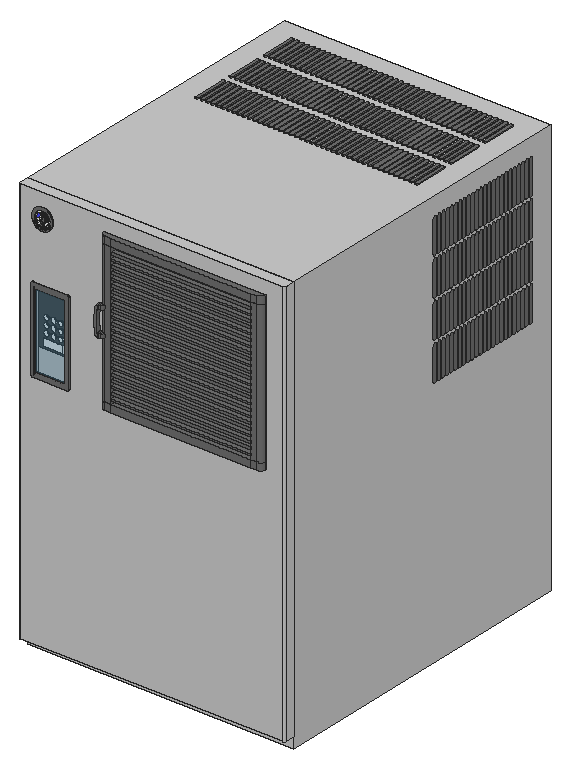
Revit family "QF_HOSHIZAKI_IM-240APE_251030081704", category Specialty Equipment, Revit 2021
Family settings
  Round Connector Dimension = Use Diameter
  Part Type = Normal
  OmniClass Number = 23.40.40.14
  OmniClass Title = Food Service Equipment
  Work Plane-Based = No
  Always vertical = Yes
  Cut with Voids When Loaded = No
  Shared = No
  Room Calculation Point = No
Parameters (values of type "M119")
  Weight [instance] = 78.00 kg
  Waste Water Discharge Temperature [instance] = 0 °C
  Waste Remarks [instance] = ""
  Warranty Start Date [instance] = ""
  Warranty Duration [instance] = ""
  Volts [instance] = 230 V
  Volt Free Conn [instance] = no
  URL Recommended Spares List [instance] = ""
  URL Manufacturer [instance] = ""
  URL Cutsheet [instance] = ""
  URL Critical Spares List [instance] = ""
  URL = "www.hoshizaki-europe.com"
  Technical Documentation [instance] = ""
  Tag Number [instance] = ""
  Status [instance] = ""
  Start Up Current [instance] = 0 A
  Specification by User [instance] = ""
  Specification by Manufacturer [instance] = ""
  Sound Level [instance] = ""
  Show Logo [instance] = yes
  Show Clearances [instance] = yes
  Service Life Duration [instance] = ""
  Serial Number [instance] = ""
  Seismic Rating [instance] = ""
  SMACNA No [instance] = ""
  Revision Code [instance] = ""
  Revision [instance] = ""
  Production Year [instance] = ""
  Potential Equalisation [instance] = no
  Point Load [instance] = 0
  Plumbing Remarks [instance] = ""
  Plumbing Connection Type [instance] = ""
  Phase [instance] = 1
  Other Equipment Approvals [instance] = ""
  Operational Current [instance] = 0 A
  Odor Trap Included [instance] = no
  Number of Poles [instance] = 2
  No Load Power Draw [instance] = no
  National Water Regulation Certification [instance] = no
  NAFEM Spec ID Number [instance] = ""
  Model Warning [instance] = ""
  Model = "IM-240APE"
  Min Ckt Ampacity [instance] = 0 A
  Max Overcurrent Protection [instance] = 16 A
  Masterspec [instance] = ""
  Manufacturer = "HOSHIZAKI"
  Main switch integrated [instance] = no
  Length Actual [instance] = 560 mm
  Item Number [instance] = ""
  Installed By [instance] = ""
  Installation Date [instance] = ""
  Indirect Waste Size [instance] = 19.05 mm
  Indirect Waste Remarks [instance] = ""
  Indirect Waste Flow [instance] = 0.0 L/s
  Indirect Waste Connection Type [instance] = ""
  Indirect Waste Connection Height [instance] = 0 mm
  Identify Quantity as Lot [instance] = no
  ID [instance] = ""
  Hygiene Approval [instance] = ""
  Height Actual [instance] = 880 mm
  HP power [instance] = ""
  Furnished By [instance] = ""
  Foodservice Equipment Identifier [instance] = no
  FL Amps [instance] = 3.69 A
  Electrical Remarks [instance] = "Plug not included"
  Electric power [instance] = 850 W
  Electric Connection Type [instance] = "Cord&Plug"
  Elec Conn RI Height [instance] = 0 mm
  Elec Conn Connection Height [instance] = 0 mm
  ETL Approved [instance] = no
  Direct Waste Water Discharge Temperature [instance] = -273.15 °C
  Direct Waste Size [instance] = 19.05 mm
  Direct Waste RI Height [instance] = 0 mm
  Direct Waste Flow [instance] = 0.0 L/s
  Direct Waste Connection Height [instance] = 0 mm
  Description = "CUBE MODEL IS A MODULAR ICE MAKER PRODUCING UP TO 210 KG OF CUBE ICE PER 24 HOURS. THIS MODEL IS COMPATIBLE WITH OUR STORAGE BINS"
  Depth Actual [instance] = 700 mm
  Default Elevation = 0 mm
  Cycle [instance] = 50 Hz
  Cost = 7330
  Connection to energy optimisation system [instance] = yes
  Conn Plug [instance] = ""
  Conn Conduit [instance] = no
  Cold Water Temperature Recommended [instance] = 0 °C
  Cold Water Size [instance] = 19.05 mm
  Cold Water Remarks [instance] = ""
  Cold Water RI Height [instance] = 0 mm
  Cold Water Quality [instance] = ""
  Cold Water Minimum Pressure [instance] = 200000.0 Pa
  Cold Water Maximum Pressure [instance] = 600000.0 Pa
  Cold Water Flow [instance] = 0.0 L/s
  Cold Water Connection Type [instance] = ""
  Cold Water Connection Height [instance] = 0 mm
  Centralized building control system with digital interface [instance] = ""
  CSI MasterFormat [instance] = ""
  CE Approved [instance] = no
  Barcode [instance] = 0
  Author [instance] = ""
  Asset Identifier [instance] = ""
  Apparent Power [instance] = 850 VA
  Accessory [instance] = no
Reference planes
  plane 1 "Center (Front/Back)": y = 0
  plane 2: z = 0
  plane 3 "Center (Left/Right)": x = 0
Forms (mm)
  Extrusion 1, solid, not visible
    sketch origin (49.002, -2, 411.02) x (1, 0, 0) y (0, 1, 0)
      loop
        line (-2, 2) -> (-2, -2) -> (2, -2) -> (2, 2) -> (-2, 2)
    from -2 to 2
  Extrusion 2, solid, not visible
    sketch origin (72.004, -2, 33.002) x (1, 0, 0) y (0, 1, 0)
      loop
        line (-2, 2) -> (-2, -2) -> (2, -2) -> (2, 2) -> (-2, 2)
    from -2 to 2
  Extrusion 3, solid, not visible
    sketch origin (45.002, -2, 795.039) x (1, 0, 0) y (0, 1, 0)
      loop
        line (-2, 2) -> (-2, -2) -> (2, -2) -> (2, 2) -> (-2, 2)
    from -2 to 2
Dimensions and locks
  locked: Extrusion 1 to nested 2
  locked: nested 2 to Extrusion 1 at 2
  locked: Extrusion 2 to nested 3
  locked: nested 3 to Extrusion 2 at 2
  locked: Extrusion 3 to nested 4
  locked: nested 4 to Extrusion 3 at 2
  aligned and locked: level to plane 2
Nested families
  nested 1: "QF_HOSHIZAKI_IM-240APE_2920" at (0, 0, 0), type "M119"
    with Weight 78.00 kg, Warranty Start Date "", Warranty Duration "", URL Cutsheet "", Technical Documentation "", Tag Number "", Status "", Specification by User "", Specification by Manufacturer "", Sound Level "", Solid Fuel Type "", Show Logo yes, Show Clearances yes, Service Life Duration "", Serial Number "", Seismic Rating "", SMACNA No "", Revision Code "", Revision "", Production Year "", Point Load 0, Other Equipment Approvals "", NAFEM Spec ID Number "", Model Warning "", Masterspec "", Length Actual 560 mm, Item Number "", Installed By "", Installation Date "", Identify Quantity as Lot yes, ID "", Hygiene Approval "", Height Actual 880 mm, Furnished By "", Foodservice Equipment Identifier yes, ETL Approved yes, Depth Actual 700 mm, CSI MasterFormat "", CE Approved yes, Barcode "", Asset Identifier "", Accessory no
  nested 2: "CONN_POINT_COLDWATER_2D___Generic_Annotation" at (49.002, 0, 411.02), type "CONN_POINT_COLDWATER_2D___Generic_Annotation"
    with Onboard connection annotation symbol visibility yes
  nested 3: "CONN_POINT_DRAIN_2D___Generic_Annotation" at (72.004, 0, 33.002), type "CONN_POINT_DRAIN_2D___Generic_Annotation"
    with Onboard connection annotation symbol visibility yes
  nested 4: "CONN_POINT_ELE_2D___Generic_Annotation" at (45.002, 0, 795.039), type "CONN_POINT_ELE_2D___Generic_Annotation"
    with Onboard connection annotation symbol visibility yes
Connectors
  piping at (49.002, 0, 411.02), diameter 19.05, driven by "Cold Water Size", driven by "Cold Water Flow"
    settings: on Extrusion 1, index 1, connector inside diameter 609.6 mm, connector length 0 mm, flow factor 0, pipe flow 0.0 L/s, pressure drop 0.0 Pa, fitting loss kfactor 0, connector angle 0.00°, fixture units 0, engagement length 0 mm, angle of deflection 0.00°, flow configuration 1, flow direction 1, fitting loss method 0, system type 20, joint type 0, gender type 0, connector reference index -1, connector utility 0, adjustable connector no, is connector primary yes, connector description "Cold Water connection for IM-240APE"
  piping at (72.004, 0, 33.002), diameter 19.05, driven by "Indirect Waste Size", driven by "Direct Waste Flow"
    settings: on Extrusion 2, index 2, connector inside diameter 609.6 mm, connector length 0 mm, flow factor 0, pipe flow 0.0 L/s, pressure drop 0.0 Pa, fitting loss kfactor 0, connector angle 0.00°, fixture units 0, engagement length 0 mm, angle of deflection 0.00°, flow configuration 1, flow direction 2, fitting loss method 0, system type 16, joint type 0, gender type 0, connector reference index -1, connector utility 0, adjustable connector no, is connector primary no, connector description "Waste connection for IM-240APE"
  electrical at (45.002, 0, 795.039), driven by "Apparent Power", driven by "Number of Poles", driven by "Volts"
    settings: on Extrusion 3, index 3, voltage 230 V, apparent load 0 VA, apparent load phase1 850 VA, apparent load phase2 0 VA, apparent load phase3 0 VA, power factor 1, load classification "Other", number of poles 2, system type 31, power factor state 1, is connector primary yes, connector utility no, sub classification motor no, connector description "Electrical connection for IM-240APE"
Definition of nested family "QF_HOSHIZAKI_IM-240APE_2920"
  Parameters (values of type "M119-D202")
    Weight [instance] = 0.00 kg
    Warranty Start Date [instance] = ""
    Warranty Duration [instance] = ""
    URL Cutsheet [instance] = ""
    URL = "www.hoshizaki-europe.com"
    Technical Documentation [instance] = ""
    Tag Number [instance] = ""
    Status [instance] = ""
    Specification by User [instance] = ""
    Specification by Manufacturer [instance] = ""
    Sound Level [instance] = ""
    Solid Fuel Type [instance] = ""
    Show Logo [instance] = yes
    Show Clearances [instance] = yes
    Service Life Duration [instance] = ""
    Serial Number [instance] = ""
    Seismic Rating [instance] = ""
    SMACNA No [instance] = ""
    Revision Code [instance] = ""
    Revision [instance] = ""
    Production Year [instance] = ""
    Point Load [instance] = 0
    Other Equipment Approvals [instance] = ""
    NAFEM Spec ID Number [instance] = ""
    Model Warning [instance] = ""
    Model = "IM-240APE-U-32"
    Masterspec [instance] = ""
    Manufacturer = "HOSHIZAKI"
    Length Actual [instance] = 0 mm
    Item Number [instance] = ""
    Installed By [instance] = ""
    Installation Date [instance] = ""
    Identify Quantity as Lot [instance] = yes
    ID [instance] = ""
    Hygiene Approval [instance] = ""
    Height Actual [instance] = 0 mm
    Furnished By [instance] = ""
    Foodservice Equipment Identifier [instance] = yes
    ETL Approved [instance] = yes
    Description = "ULTRACUBE MODEL IS A MODULAR ICE MAKER WITH UVC SANITIZATION FUNCTION PRODUCING UP TO 220 KG OF CUBE ICE PER 24 HOURS. THIS MODEL IS COMPATIBLE WITH OUR STORAGE BINS"
    Depth Actual [instance] = 0 mm
    Default Elevation = 0 mm
    CSI MasterFormat [instance] = ""
    CE Approved [instance] = yes
    Barcode [instance] = ""
    Author = "SPECIFI"
    Asset Identifier [instance] = ""
    Assembly Code = "E1090320"
    Accessory [instance] = yes
  Types (6, lengths in mm): name | Model | Description
    M119 | "IM-240APE" | "CUBE MODEL IS A MODULAR ICE MAKER PRODUCING UP TO 210 KG OF CUBE ICE PER 24 HOURS. THIS MODEL IS COMPATIBLE WITH OUR STORAGE BINS"
    M119-D001 | "IM-240APE-23" | "CUBE MODEL IS A MODULAR ICE MAKER PRODUCING UP TO 190 KG OF CUBE ICE PER 24 HOURS. THIS MODEL IS COMPATIBLE WITH OUR STORAGE BINS"
    M119-D002 | "IM-240APE-32" | "CUBE MODEL IS A MODULAR ICE MAKER PRODUCING UP TO 220 KG OF CUBE ICE PER 24 HOURS. THIS MODEL IS COMPATIBLE WITH OUR STORAGE BINS"
    M119-D200 | "IM-240APE-U" | "ULTRACUBE MODEL IS A MODULAR ICE MAKER WITH UVC SANITIZATION FUNCTION PRODUCING UP TO 210 KG OF CUBE ICE PER 24 HOURS. THIS MODEL IS COMPATIBLE WITH OUR STORAGE BINS."
    M119-D201 | "IM-240APE-U-23" | "ULTRACUBE MODEL IS A MODULAR ICE MAKER WITH UVC SANITIZATION FUNCTION PRODUCING UP TO 190 KG OF CUBE ICE PER 24 HOURS. THIS MODEL IS COMPATIBLE WITH OUR STORAGE BINS"
    M119-D202 | "IM-240APE-U-32" | "ULTRACUBE MODEL IS A MODULAR ICE MAKER WITH UVC SANITIZATION FUNCTION PRODUCING UP TO 220 KG OF CUBE ICE PER 24 HOURS. THIS MODEL IS COMPATIBLE WITH OUR STORAGE BINS"
  Reference planes
    plane 1 "Back": y = 0
    plane 2: z = 0
    plane 3 "Left": x = 0
    plane 4 "Right": x = 560
    plane 5 "Front": y = -700
    plane 6 "Top": z = 880
  Forms (mm)
    Extrusion 1, solid
      sketch origin (301.535, -700, 494.477) x (1, 0, 0) y (0, 0, 1)
        loop
          arc (-274.035, 35.5) -> (-272.863, 32.672) -> (-270.035, 31.5) r 4
          line (-270.035, 31.5) -> (-198.035, 31.5)
          arc (-198.035, 31.5) -> (-195.208, 32.671) -> (-194.037, 35.498) r 3.998
          line (-194.037, 35.498) -> (-194.037, 207.502)
          arc (-194.037, 207.502) -> (-195.208, 210.329) -> (-198.035, 211.5) r 3.998
          line (-198.035, 211.5) -> (-270.035, 211.5)
          arc (-270.035, 211.5) -> (-272.863, 210.328) -> (-274.035, 207.5) r 4
          line (-274.035, 207.5) -> (-274.035, 35.5)
        loop
          arc (-264.624, 43.446) -> (-264.326, 42.728) -> (-263.609, 42.431) r 1.015
          line (-263.609, 42.431) -> (-204.466, 42.431)
          arc (-204.466, 42.431) -> (-203.748, 42.728) -> (-203.451, 43.446) r 1.015
          line (-203.451, 43.446) -> (-203.451, 199.554)
          arc (-203.451, 199.554) -> (-203.74, 200.252) -> (-204.437, 200.541) r 0.987
          line (-204.437, 200.541) -> (-263.637, 200.541)
          arc (-263.637, 200.541) -> (-264.335, 200.252) -> (-264.624, 199.554) r 0.987
          line (-264.624, 199.554) -> (-264.624, 43.446)
      from 0 to 2
    Extrusion 2, solid
      sketch origin (-266.981, -700, 494.477) x (1, 0, 0) y (0, 0, 1)
        loop
          arc (304.879, 200.541) -> (304.181, 200.252) -> (303.892, 199.554) r 0.987
          line (303.892, 199.554) -> (303.892, 43.446)
          arc (303.892, 43.446) -> (304.189, 42.728) -> (304.907, 42.431) r 1.015
          line (304.907, 42.431) -> (364.05, 42.431)
          arc (364.05, 42.431) -> (364.768, 42.728) -> (365.065, 43.446) r 1.015
          line (365.065, 43.446) -> (365.065, 199.554)
          arc (365.065, 199.554) -> (364.776, 200.252) -> (364.078, 200.541) r 0.987
          line (364.078, 200.541) -> (304.879, 200.541)
      from 0 to 2
    Extrusion 3, solid
      sketch origin (-195.739, -690, 451.342) x (1, 0, 0) y (0, 0, 1)
        loop
          circle (248.239, 189.635) r 5
        loop
          circle (248.239, 174.635) r 5
        loop
          circle (248.239, 159.635) r 5
        loop
          circle (263.238, 189.635) r 5
        loop
          circle (263.238, 174.635) r 5
        loop
          circle (263.238, 159.635) r 5
        loop
          circle (278.238, 189.635) r 5
        loop
          circle (278.238, 174.635) r 5
        loop
          circle (278.238, 159.635) r 5
        loop
          line (243.239, 149.635) -> (243.239, 134.635) -> (283.238, 134.635) -> (283.238, 149.635) -> (243.239, 149.635)
      from 1 to 2
    Extrusion 4, solid
      sketch origin (1.5, -889.067, 635.04) x (0, -1, 0) y (0, 0, 1)
        loop
          arc (-579.567, 204.442) -> (-583.067, 207.942) -> (-586.567, 204.442) r 3.5
          line (-586.567, 204.442) -> (-586.567, 136.498)
          arc (-586.567, 136.498) -> (-583.067, 132.998) -> (-579.567, 136.498) r 3.5
          line (-579.567, 136.498) -> (-579.567, 204.442)
        loop
          arc (-590.567, 204.442) -> (-594.067, 207.942) -> (-597.567, 204.442) r 3.5
          line (-597.567, 204.442) -> (-597.567, 136.498)
          arc (-597.567, 136.498) -> (-594.067, 132.998) -> (-590.567, 136.498) r 3.5
          line (-590.567, 136.498) -> (-590.567, 204.442)
        loop
          arc (-601.567, 204.442) -> (-605.067, 207.942) -> (-608.567, 204.442) r 3.5
          line (-608.567, 204.442) -> (-608.567, 136.498)
          arc (-608.567, 136.498) -> (-605.067, 132.998) -> (-601.567, 136.498) r 3.5
          line (-601.567, 136.498) -> (-601.567, 204.442)
        loop
          arc (-612.567, 204.442) -> (-616.067, 207.942) -> (-619.567, 204.442) r 3.5
          line (-619.567, 204.442) -> (-619.567, 136.498)
          arc (-619.567, 136.498) -> (-616.067, 132.998) -> (-612.567, 136.498) r 3.5
          line (-612.567, 136.498) -> (-612.567, 204.442)
        loop
          arc (-623.567, 204.442) -> (-627.067, 207.942) -> (-630.567, 204.442) r 3.5
          line (-630.567, 204.442) -> (-630.567, 136.498)
          arc (-630.567, 136.498) -> (-627.067, 132.998) -> (-623.567, 136.498) r 3.5
          line (-623.567, 136.498) -> (-623.567, 204.442)
        loop
          arc (-634.567, 204.442) -> (-638.067, 207.942) -> (-641.567, 204.442) r 3.5
          line (-641.567, 204.442) -> (-641.567, 136.498)
          arc (-641.567, 136.498) -> (-638.067, 132.998) -> (-634.567, 136.498) r 3.5
          line (-634.567, 136.498) -> (-634.567, 204.442)
        loop
          arc (-645.567, 204.442) -> (-649.067, 207.942) -> (-652.567, 204.442) r 3.5
          line (-652.567, 204.442) -> (-652.567, 136.498)
          arc (-652.567, 136.498) -> (-649.067, 132.998) -> (-645.567, 136.498) r 3.5
          line (-645.567, 136.498) -> (-645.567, 204.442)
        loop
          arc (-656.567, 204.442) -> (-660.067, 207.942) -> (-663.567, 204.442) r 3.5
          line (-663.567, 204.442) -> (-663.567, 136.498)
          arc (-663.567, 136.498) -> (-660.067, 132.998) -> (-656.567, 136.498) r 3.5
          line (-656.567, 136.498) -> (-656.567, 204.442)
        loop
          arc (-667.567, 204.442) -> (-671.067, 207.942) -> (-674.567, 204.442) r 3.5
          line (-674.567, 204.442) -> (-674.567, 136.498)
          arc (-674.567, 136.498) -> (-671.067, 132.998) -> (-667.567, 136.498) r 3.5
          line (-667.567, 136.498) -> (-667.567, 204.442)
        loop
          arc (-678.567, 204.442) -> (-682.067, 207.942) -> (-685.567, 204.442) r 3.5
          line (-685.567, 204.442) -> (-685.567, 136.498)
          arc (-685.567, 136.498) -> (-682.067, 132.998) -> (-678.567, 136.498) r 3.5
          line (-678.567, 136.498) -> (-678.567, 204.442)
        loop
          arc (-689.567, 204.442) -> (-693.067, 207.942) -> (-696.567, 204.442) r 3.5
          line (-696.567, 204.442) -> (-696.567, 136.498)
          arc (-696.567, 136.498) -> (-693.067, 132.998) -> (-689.567, 136.498) r 3.5
          line (-689.567, 136.498) -> (-689.567, 204.442)
        loop
          arc (-700.567, 204.442) -> (-704.067, 207.942) -> (-707.567, 204.442) r 3.5
          line (-707.567, 204.442) -> (-707.567, 136.498)
          arc (-707.567, 136.498) -> (-704.067, 132.998) -> (-700.567, 136.498) r 3.5
          line (-700.567, 136.498) -> (-700.567, 204.442)
        loop
          arc (-711.567, 204.442) -> (-715.067, 207.942) -> (-718.567, 204.442) r 3.5
          line (-718.567, 204.442) -> (-718.567, 136.498)
          arc (-718.567, 136.498) -> (-715.067, 132.998) -> (-711.567, 136.498) r 3.5
          line (-711.567, 136.498) -> (-711.567, 204.442)
        loop
          arc (-722.567, 204.442) -> (-726.067, 207.942) -> (-729.567, 204.442) r 3.5
          line (-729.567, 204.442) -> (-729.567, 136.498)
          arc (-729.567, 136.498) -> (-726.067, 132.998) -> (-722.567, 136.498) r 3.5
          line (-722.567, 136.498) -> (-722.567, 204.442)
        loop
          arc (-733.567, 204.442) -> (-737.067, 207.942) -> (-740.567, 204.442) r 3.5
          line (-740.567, 204.442) -> (-740.567, 136.498)
          arc (-740.567, 136.498) -> (-737.067, 132.998) -> (-733.567, 136.498) r 3.5
          line (-733.567, 136.498) -> (-733.567, 204.442)
        loop
          arc (-744.567, 204.442) -> (-748.067, 207.942) -> (-751.567, 204.442) r 3.5
          line (-751.567, 204.442) -> (-751.567, 136.498)
          arc (-751.567, 136.498) -> (-748.067, 132.998) -> (-744.567, 136.498) r 3.5
          line (-744.567, 136.498) -> (-744.567, 204.442)
        loop
          arc (-755.567, 204.442) -> (-759.067, 207.942) -> (-762.567, 204.442) r 3.5
          line (-762.567, 204.442) -> (-762.567, 136.498)
          arc (-762.567, 136.498) -> (-759.067, 132.998) -> (-755.567, 136.498) r 3.5
          line (-755.567, 136.498) -> (-755.567, 204.442)
        loop
          arc (-766.567, 204.442) -> (-770.067, 207.942) -> (-773.567, 204.442) r 3.5
          line (-773.567, 204.442) -> (-773.567, 136.498)
          arc (-773.567, 136.498) -> (-770.067, 132.998) -> (-766.567, 136.498) r 3.5
          line (-766.567, 136.498) -> (-766.567, 204.442)
        loop
          arc (-777.567, 204.442) -> (-781.067, 207.942) -> (-784.567, 204.442) r 3.5
          line (-784.567, 204.442) -> (-784.567, 136.498)
          arc (-784.567, 136.498) -> (-781.067, 132.998) -> (-777.567, 136.498) r 3.5
          line (-777.567, 136.498) -> (-777.567, 204.442)
        loop
          arc (-788.567, 204.442) -> (-792.067, 207.942) -> (-795.567, 204.442) r 3.5
          line (-795.567, 204.442) -> (-795.567, 136.498)
          arc (-795.567, 136.498) -> (-792.067, 132.998) -> (-788.567, 136.498) r 3.5
          line (-788.567, 136.498) -> (-788.567, 204.442)
        loop
          arc (-799.567, 204.442) -> (-803.067, 207.942) -> (-806.567, 204.442) r 3.5
          line (-806.567, 204.442) -> (-806.567, 136.498)
          arc (-806.567, 136.498) -> (-803.067, 132.998) -> (-799.567, 136.498) r 3.5
          line (-799.567, 136.498) -> (-799.567, 204.442)
        loop
          arc (-810.567, 204.442) -> (-814.067, 207.942) -> (-817.567, 204.442) r 3.5
          line (-817.567, 204.442) -> (-817.567, 136.498)
          arc (-817.567, 136.498) -> (-814.067, 132.998) -> (-810.567, 136.498) r 3.5
          line (-810.567, 136.498) -> (-810.567, 204.442)
        loop
          arc (-821.567, 204.442) -> (-825.067, 207.942) -> (-828.567, 204.442) r 3.5
          line (-828.567, 204.442) -> (-828.567, 136.498)
          arc (-828.567, 136.498) -> (-825.067, 132.998) -> (-821.567, 136.498) r 3.5
          line (-821.567, 136.498) -> (-821.567, 204.442)
        loop
          arc (-832.567, 204.442) -> (-836.067, 207.942) -> (-839.567, 204.442) r 3.5
          line (-839.567, 204.442) -> (-839.567, 136.498)
          arc (-839.567, 136.498) -> (-836.067, 132.998) -> (-832.567, 136.498) r 3.5
          line (-832.567, 136.498) -> (-832.567, 204.442)
        loop
          arc (-579.567, 124.442) -> (-583.067, 127.942) -> (-586.567, 124.442) r 3.5
          line (-586.567, 124.442) -> (-586.567, 56.498)
          arc (-586.567, 56.498) -> (-583.067, 52.998) -> (-579.567, 56.498) r 3.5
          line (-579.567, 56.498) -> (-579.567, 124.442)
        loop
          arc (-590.567, 124.442) -> (-594.067, 127.942) -> (-597.567, 124.442) r 3.5
          line (-597.567, 124.442) -> (-597.567, 56.498)
          arc (-597.567, 56.498) -> (-594.067, 52.998) -> (-590.567, 56.498) r 3.5
          line (-590.567, 56.498) -> (-590.567, 124.442)
        loop
          arc (-601.567, 124.442) -> (-605.067, 127.942) -> (-608.567, 124.442) r 3.5
          line (-608.567, 124.442) -> (-608.567, 56.498)
          arc (-608.567, 56.498) -> (-605.067, 52.998) -> (-601.567, 56.498) r 3.5
          line (-601.567, 56.498) -> (-601.567, 124.442)
        loop
          arc (-612.567, 124.442) -> (-616.067, 127.942) -> (-619.567, 124.442) r 3.5
          line (-619.567, 124.442) -> (-619.567, 56.498)
          arc (-619.567, 56.498) -> (-616.067, 52.998) -> (-612.567, 56.498) r 3.5
          line (-612.567, 56.498) -> (-612.567, 124.442)
        loop
          arc (-623.567, 124.442) -> (-627.067, 127.942) -> (-630.567, 124.442) r 3.5
          line (-630.567, 124.442) -> (-630.567, 56.498)
          arc (-630.567, 56.498) -> (-627.067, 52.998) -> (-623.567, 56.498) r 3.5
          line (-623.567, 56.498) -> (-623.567, 124.442)
        loop
          arc (-634.567, 124.442) -> (-638.067, 127.942) -> (-641.567, 124.442) r 3.5
          line (-641.567, 124.442) -> (-641.567, 56.498)
          arc (-641.567, 56.498) -> (-638.067, 52.998) -> (-634.567, 56.498) r 3.5
          line (-634.567, 56.498) -> (-634.567, 124.442)
        loop
          arc (-645.567, 124.442) -> (-649.067, 127.942) -> (-652.567, 124.442) r 3.5
          line (-652.567, 124.442) -> (-652.567, 56.498)
          arc (-652.567, 56.498) -> (-649.067, 52.998) -> (-645.567, 56.498) r 3.5
          line (-645.567, 56.498) -> (-645.567, 124.442)
        loop
          arc (-656.567, 124.442) -> (-660.067, 127.942) -> (-663.567, 124.442) r 3.5
          line (-663.567, 124.442) -> (-663.567, 56.498)
          arc (-663.567, 56.498) -> (-660.067, 52.998) -> (-656.567, 56.498) r 3.5
          line (-656.567, 56.498) -> (-656.567, 124.442)
        loop
          arc (-667.567, 124.442) -> (-671.067, 127.942) -> (-674.567, 124.442) r 3.5
          line (-674.567, 124.442) -> (-674.567, 56.498)
          arc (-674.567, 56.498) -> (-671.067, 52.998) -> (-667.567, 56.498) r 3.5
          line (-667.567, 56.498) -> (-667.567, 124.442)
        loop
          arc (-678.567, 124.442) -> (-682.067, 127.942) -> (-685.567, 124.442) r 3.5
          line (-685.567, 124.442) -> (-685.567, 56.498)
          arc (-685.567, 56.498) -> (-682.067, 52.998) -> (-678.567, 56.498) r 3.5
          line (-678.567, 56.498) -> (-678.567, 124.442)
        loop
          arc (-689.567, 124.442) -> (-693.067, 127.942) -> (-696.567, 124.442) r 3.5
          line (-696.567, 124.442) -> (-696.567, 56.498)
          arc (-696.567, 56.498) -> (-693.067, 52.998) -> (-689.567, 56.498) r 3.5
          line (-689.567, 56.498) -> (-689.567, 124.442)
        loop
          arc (-700.567, 124.442) -> (-704.067, 127.942) -> (-707.567, 124.442) r 3.5
          line (-707.567, 124.442) -> (-707.567, 56.498)
          arc (-707.567, 56.498) -> (-704.067, 52.998) -> (-700.567, 56.498) r 3.5
          line (-700.567, 56.498) -> (-700.567, 124.442)
        loop
          arc (-711.567, 124.442) -> (-715.067, 127.942) -> (-718.567, 124.442) r 3.5
          line (-718.567, 124.442) -> (-718.567, 56.498)
          arc (-718.567, 56.498) -> (-715.067, 52.998) -> (-711.567, 56.498) r 3.5
          line (-711.567, 56.498) -> (-711.567, 124.442)
        loop
          arc (-722.567, 124.442) -> (-726.067, 127.942) -> (-729.567, 124.442) r 3.5
          line (-729.567, 124.442) -> (-729.567, 56.498)
          arc (-729.567, 56.498) -> (-726.067, 52.998) -> (-722.567, 56.498) r 3.5
          line (-722.567, 56.498) -> (-722.567, 124.442)
        loop
          arc (-733.567, 124.442) -> (-737.067, 127.942) -> (-740.567, 124.442) r 3.5
          line (-740.567, 124.442) -> (-740.567, 56.498)
          arc (-740.567, 56.498) -> (-737.067, 52.998) -> (-733.567, 56.498) r 3.5
          line (-733.567, 56.498) -> (-733.567, 124.442)
        loop
          arc (-744.567, 124.442) -> (-748.067, 127.942) -> (-751.567, 124.442) r 3.5
          line (-751.567, 124.442) -> (-751.567, 56.498)
          arc (-751.567, 56.498) -> (-748.067, 52.998) -> (-744.567, 56.498) r 3.5
          line (-744.567, 56.498) -> (-744.567, 124.442)
        loop
          arc (-755.567, 124.442) -> (-759.067, 127.942) -> (-762.567, 124.442) r 3.5
          line (-762.567, 124.442) -> (-762.567, 56.498)
          arc (-762.567, 56.498) -> (-759.067, 52.998) -> (-755.567, 56.498) r 3.5
          line (-755.567, 56.498) -> (-755.567, 124.442)
        loop
          arc (-766.567, 124.442) -> (-770.067, 127.942) -> (-773.567, 124.442) r 3.5
          line (-773.567, 124.442) -> (-773.567, 56.498)
          arc (-773.567, 56.498) -> (-770.067, 52.998) -> (-766.567, 56.498) r 3.5
          line (-766.567, 56.498) -> (-766.567, 124.442)
        loop
          arc (-777.567, 124.442) -> (-781.067, 127.942) -> (-784.567, 124.442) r 3.5
          line (-784.567, 124.442) -> (-784.567, 56.498)
          arc (-784.567, 56.498) -> (-781.067, 52.998) -> (-777.567, 56.498) r 3.5
          line (-777.567, 56.498) -> (-777.567, 124.442)
        loop
          arc (-788.567, 124.442) -> (-792.067, 127.942) -> (-795.567, 124.442) r 3.5
          line (-795.567, 124.442) -> (-795.567, 56.498)
          arc (-795.567, 56.498) -> (-792.067, 52.998) -> (-788.567, 56.498) r 3.5
          line (-788.567, 56.498) -> (-788.567, 124.442)
        loop
          arc (-799.567, 124.442) -> (-803.067, 127.942) -> (-806.567, 124.442) r 3.5
          line (-806.567, 124.442) -> (-806.567, 56.498)
          arc (-806.567, 56.498) -> (-803.067, 52.998) -> (-799.567, 56.498) r 3.5
          line (-799.567, 56.498) -> (-799.567, 124.442)
        loop
          arc (-810.567, 124.442) -> (-814.067, 127.942) -> (-817.567, 124.442) r 3.5
          line (-817.567, 124.442) -> (-817.567, 56.498)
          arc (-817.567, 56.498) -> (-814.067, 52.998) -> (-810.567, 56.498) r 3.5
          line (-810.567, 56.498) -> (-810.567, 124.442)
        loop
          arc (-821.567, 124.442) -> (-825.067, 127.942) -> (-828.567, 124.442) r 3.5
          line (-828.567, 124.442) -> (-828.567, 56.498)
          arc (-828.567, 56.498) -> (-825.067, 52.998) -> (-821.567, 56.498) r 3.5
          line (-821.567, 56.498) -> (-821.567, 124.442)
        loop
          arc (-832.567, 124.442) -> (-836.067, 127.942) -> (-839.567, 124.442) r 3.5
          line (-839.567, 124.442) -> (-839.567, 56.498)
          arc (-839.567, 56.498) -> (-836.067, 52.998) -> (-832.567, 56.498) r 3.5
          line (-832.567, 56.498) -> (-832.567, 124.442)
        loop
          arc (-579.567, 44.442) -> (-583.067, 47.942) -> (-586.567, 44.442) r 3.5
          line (-586.567, 44.442) -> (-586.567, -23.502)
          arc (-586.567, -23.502) -> (-583.067, -27.002) -> (-579.567, -23.502) r 3.5
          line (-579.567, -23.502) -> (-579.567, 44.442)
        loop
          arc (-590.567, 44.442) -> (-594.067, 47.942) -> (-597.567, 44.442) r 3.5
          line (-597.567, 44.442) -> (-597.567, -23.502)
          arc (-597.567, -23.502) -> (-594.067, -27.002) -> (-590.567, -23.502) r 3.5
          line (-590.567, -23.502) -> (-590.567, 44.442)
        loop
          arc (-601.567, 44.442) -> (-605.067, 47.942) -> (-608.567, 44.442) r 3.5
          line (-608.567, 44.442) -> (-608.567, -23.502)
          arc (-608.567, -23.502) -> (-605.067, -27.002) -> (-601.567, -23.502) r 3.5
          line (-601.567, -23.502) -> (-601.567, 44.442)
        loop
          arc (-612.567, 44.442) -> (-616.067, 47.942) -> (-619.567, 44.442) r 3.5
          line (-619.567, 44.442) -> (-619.567, -23.502)
          arc (-619.567, -23.502) -> (-616.067, -27.002) -> (-612.567, -23.502) r 3.5
          line (-612.567, -23.502) -> (-612.567, 44.442)
        loop
          arc (-623.567, 44.442) -> (-627.067, 47.942) -> (-630.567, 44.442) r 3.5
          line (-630.567, 44.442) -> (-630.567, -23.502)
          arc (-630.567, -23.502) -> (-627.067, -27.002) -> (-623.567, -23.502) r 3.5
          line (-623.567, -23.502) -> (-623.567, 44.442)
        loop
          arc (-634.567, 44.442) -> (-638.067, 47.942) -> (-641.567, 44.442) r 3.5
          line (-641.567, 44.442) -> (-641.567, -23.502)
          arc (-641.567, -23.502) -> (-638.067, -27.002) -> (-634.567, -23.502) r 3.5
          line (-634.567, -23.502) -> (-634.567, 44.442)
        loop
          arc (-645.567, 44.442) -> (-649.067, 47.942) -> (-652.567, 44.442) r 3.5
          line (-652.567, 44.442) -> (-652.567, -23.502)
          arc (-652.567, -23.502) -> (-649.067, -27.002) -> (-645.567, -23.502) r 3.5
          line (-645.567, -23.502) -> (-645.567, 44.442)
        loop
          arc (-656.567, 44.442) -> (-660.067, 47.942) -> (-663.567, 44.442) r 3.5
          line (-663.567, 44.442) -> (-663.567, -23.502)
          arc (-663.567, -23.502) -> (-660.067, -27.002) -> (-656.567, -23.502) r 3.5
          line (-656.567, -23.502) -> (-656.567, 44.442)
        loop
          arc (-667.567, 44.442) -> (-671.067, 47.942) -> (-674.567, 44.442) r 3.5
          line (-674.567, 44.442) -> (-674.567, -23.502)
          arc (-674.567, -23.502) -> (-671.067, -27.002) -> (-667.567, -23.502) r 3.5
          line (-667.567, -23.502) -> (-667.567, 44.442)
        loop
          arc (-678.567, 44.442) -> (-682.067, 47.942) -> (-685.567, 44.442) r 3.5
          line (-685.567, 44.442) -> (-685.567, -23.502)
          arc (-685.567, -23.502) -> (-682.067, -27.002) -> (-678.567, -23.502) r 3.5
          line (-678.567, -23.502) -> (-678.567, 44.442)
        loop
          arc (-689.567, 44.442) -> (-693.067, 47.942) -> (-696.567, 44.442) r 3.5
          line (-696.567, 44.442) -> (-696.567, -23.502)
          arc (-696.567, -23.502) -> (-693.067, -27.002) -> (-689.567, -23.502) r 3.5
          line (-689.567, -23.502) -> (-689.567, 44.442)
        loop
          arc (-700.567, 44.442) -> (-704.067, 47.942) -> (-707.567, 44.442) r 3.5
          line (-707.567, 44.442) -> (-707.567, -23.502)
          arc (-707.567, -23.502) -> (-704.067, -27.002) -> (-700.567, -23.502) r 3.5
          line (-700.567, -23.502) -> (-700.567, 44.442)
        loop
          arc (-711.567, 44.442) -> (-715.067, 47.942) -> (-718.567, 44.442) r 3.5
          line (-718.567, 44.442) -> (-718.567, -23.502)
          arc (-718.567, -23.502) -> (-715.067, -27.002) -> (-711.567, -23.502) r 3.5
          line (-711.567, -23.502) -> (-711.567, 44.442)
        loop
          arc (-722.567, 44.442) -> (-726.067, 47.942) -> (-729.567, 44.442) r 3.5
          line (-729.567, 44.442) -> (-729.567, -23.502)
          arc (-729.567, -23.502) -> (-726.067, -27.002) -> (-722.567, -23.502) r 3.5
          line (-722.567, -23.502) -> (-722.567, 44.442)
        loop
          arc (-733.567, 44.442) -> (-737.067, 47.942) -> (-740.567, 44.442) r 3.5
          line (-740.567, 44.442) -> (-740.567, -23.502)
          arc (-740.567, -23.502) -> (-737.067, -27.002) -> (-733.567, -23.502) r 3.5
          line (-733.567, -23.502) -> (-733.567, 44.442)
        loop
          arc (-744.567, 44.442) -> (-748.067, 47.942) -> (-751.567, 44.442) r 3.5
          line (-751.567, 44.442) -> (-751.567, -23.502)
          arc (-751.567, -23.502) -> (-748.067, -27.002) -> (-744.567, -23.502) r 3.5
          line (-744.567, -23.502) -> (-744.567, 44.442)
        loop
          arc (-755.567, 44.442) -> (-759.067, 47.942) -> (-762.567, 44.442) r 3.5
          line (-762.567, 44.442) -> (-762.567, -23.502)
          arc (-762.567, -23.502) -> (-759.067, -27.002) -> (-755.567, -23.502) r 3.5
          line (-755.567, -23.502) -> (-755.567, 44.442)
        loop
          arc (-766.567, 44.442) -> (-770.067, 47.942) -> (-773.567, 44.442) r 3.5
          line (-773.567, 44.442) -> (-773.567, -23.502)
          arc (-773.567, -23.502) -> (-770.067, -27.002) -> (-766.567, -23.502) r 3.5
          line (-766.567, -23.502) -> (-766.567, 44.442)
        loop
          arc (-777.567, 44.442) -> (-781.067, 47.942) -> (-784.567, 44.442) r 3.5
          line (-784.567, 44.442) -> (-784.567, -23.502)
          arc (-784.567, -23.502) -> (-781.067, -27.002) -> (-777.567, -23.502) r 3.5
          line (-777.567, -23.502) -> (-777.567, 44.442)
        loop
          arc (-788.567, 44.442) -> (-792.067, 47.942) -> (-795.567, 44.442) r 3.5
          line (-795.567, 44.442) -> (-795.567, -23.502)
          arc (-795.567, -23.502) -> (-792.067, -27.002) -> (-788.567, -23.502) r 3.5
          line (-788.567, -23.502) -> (-788.567, 44.442)
        loop
          arc (-799.567, 44.442) -> (-803.067, 47.942) -> (-806.567, 44.442) r 3.5
          line (-806.567, 44.442) -> (-806.567, -23.502)
          arc (-806.567, -23.502) -> (-803.067, -27.002) -> (-799.567, -23.502) r 3.5
          line (-799.567, -23.502) -> (-799.567, 44.442)
        loop
          arc (-810.567, 44.442) -> (-814.067, 47.942) -> (-817.567, 44.442) r 3.5
          line (-817.567, 44.442) -> (-817.567, -23.502)
          arc (-817.567, -23.502) -> (-814.067, -27.002) -> (-810.567, -23.502) r 3.5
          line (-810.567, -23.502) -> (-810.567, 44.442)
        loop
          arc (-821.567, 44.442) -> (-825.067, 47.942) -> (-828.567, 44.442) r 3.5
          line (-828.567, 44.442) -> (-828.567, -23.502)
          arc (-828.567, -23.502) -> (-825.067, -27.002) -> (-821.567, -23.502) r 3.5
          line (-821.567, -23.502) -> (-821.567, 44.442)
        loop
          arc (-832.567, 44.442) -> (-836.067, 47.942) -> (-839.567, 44.442) r 3.5
          line (-839.567, 44.442) -> (-839.567, -23.502)
          arc (-839.567, -23.502) -> (-836.067, -27.002) -> (-832.567, -23.502) r 3.5
          line (-832.567, -23.502) -> (-832.567, 44.442)
        loop
          arc (-579.567, -35.558) -> (-583.067, -32.058) -> (-586.567, -35.558) r 3.5
          line (-586.567, -35.558) -> (-586.567, -103.502)
          arc (-586.567, -103.502) -> (-583.067, -107.002) -> (-579.567, -103.502) r 3.5
          line (-579.567, -103.502) -> (-579.567, -35.558)
        loop
          arc (-590.567, -35.558) -> (-594.067, -32.058) -> (-597.567, -35.558) r 3.5
          line (-597.567, -35.558) -> (-597.567, -103.502)
          arc (-597.567, -103.502) -> (-594.067, -107.002) -> (-590.567, -103.502) r 3.5
          line (-590.567, -103.502) -> (-590.567, -35.558)
        loop
          arc (-601.567, -35.558) -> (-605.067, -32.058) -> (-608.567, -35.558) r 3.5
          line (-608.567, -35.558) -> (-608.567, -103.502)
          arc (-608.567, -103.502) -> (-605.067, -107.002) -> (-601.567, -103.502) r 3.5
          line (-601.567, -103.502) -> (-601.567, -35.558)
        loop
          arc (-612.567, -35.558) -> (-616.067, -32.058) -> (-619.567, -35.558) r 3.5
          line (-619.567, -35.558) -> (-619.567, -103.502)
          arc (-619.567, -103.502) -> (-616.067, -107.002) -> (-612.567, -103.502) r 3.5
          line (-612.567, -103.502) -> (-612.567, -35.558)
        loop
          arc (-623.567, -35.558) -> (-627.067, -32.058) -> (-630.567, -35.558) r 3.5
          line (-630.567, -35.558) -> (-630.567, -103.502)
          arc (-630.567, -103.502) -> (-627.067, -107.002) -> (-623.567, -103.502) r 3.5
          line (-623.567, -103.502) -> (-623.567, -35.558)
        loop
          arc (-634.567, -35.558) -> (-638.067, -32.058) -> (-641.567, -35.558) r 3.5
          line (-641.567, -35.558) -> (-641.567, -103.502)
          arc (-641.567, -103.502) -> (-638.067, -107.002) -> (-634.567, -103.502) r 3.5
          line (-634.567, -103.502) -> (-634.567, -35.558)
        loop
          arc (-645.567, -35.558) -> (-649.067, -32.058) -> (-652.567, -35.558) r 3.5
          line (-652.567, -35.558) -> (-652.567, -103.502)
          arc (-652.567, -103.502) -> (-649.067, -107.002) -> (-645.567, -103.502) r 3.5
          line (-645.567, -103.502) -> (-645.567, -35.558)
        loop
          arc (-656.567, -35.558) -> (-660.067, -32.058) -> (-663.567, -35.558) r 3.5
          line (-663.567, -35.558) -> (-663.567, -103.502)
          arc (-663.567, -103.502) -> (-660.067, -107.002) -> (-656.567, -103.502) r 3.5
          line (-656.567, -103.502) -> (-656.567, -35.558)
        loop
          arc (-667.567, -35.558) -> (-671.067, -32.058) -> (-674.567, -35.558) r 3.5
          line (-674.567, -35.558) -> (-674.567, -103.502)
          arc (-674.567, -103.502) -> (-671.067, -107.002) -> (-667.567, -103.502) r 3.5
          line (-667.567, -103.502) -> (-667.567, -35.558)
        loop
          arc (-678.567, -35.558) -> (-682.067, -32.058) -> (-685.567, -35.558) r 3.5
          line (-685.567, -35.558) -> (-685.567, -103.502)
          arc (-685.567, -103.502) -> (-682.067, -107.002) -> (-678.567, -103.502) r 3.5
          line (-678.567, -103.502) -> (-678.567, -35.558)
        loop
          arc (-689.567, -35.558) -> (-693.067, -32.058) -> (-696.567, -35.558) r 3.5
          line (-696.567, -35.558) -> (-696.567, -103.502)
          arc (-696.567, -103.502) -> (-693.067, -107.002) -> (-689.567, -103.502) r 3.5
          line (-689.567, -103.502) -> (-689.567, -35.558)
        loop
          arc (-700.567, -35.558) -> (-704.067, -32.058) -> (-707.567, -35.558) r 3.5
          line (-707.567, -35.558) -> (-707.567, -103.502)
          arc (-707.567, -103.502) -> (-704.067, -107.002) -> (-700.567, -103.502) r 3.5
          line (-700.567, -103.502) -> (-700.567, -35.558)
        loop
          arc (-711.567, -35.558) -> (-715.067, -32.058) -> (-718.567, -35.558) r 3.5
          line (-718.567, -35.558) -> (-718.567, -103.502)
          arc (-718.567, -103.502) -> (-715.067, -107.002) -> (-711.567, -103.502) r 3.5
          line (-711.567, -103.502) -> (-711.567, -35.558)
        loop
          arc (-722.567, -35.558) -> (-726.067, -32.058) -> (-729.567, -35.558) r 3.5
          line (-729.567, -35.558) -> (-729.567, -103.502)
          arc (-729.567, -103.502) -> (-726.067, -107.002) -> (-722.567, -103.502) r 3.5
          line (-722.567, -103.502) -> (-722.567, -35.558)
        loop
          arc (-733.567, -35.558) -> (-737.067, -32.058) -> (-740.567, -35.558) r 3.5
          line (-740.567, -35.558) -> (-740.567, -103.502)
          arc (-740.567, -103.502) -> (-737.067, -107.002) -> (-733.567, -103.502) r 3.5
          line (-733.567, -103.502) -> (-733.567, -35.558)
        loop
          arc (-744.567, -35.558) -> (-748.067, -32.058) -> (-751.567, -35.558) r 3.5
          line (-751.567, -35.558) -> (-751.567, -103.502)
          arc (-751.567, -103.502) -> (-748.067, -107.002) -> (-744.567, -103.502) r 3.5
          line (-744.567, -103.502) -> (-744.567, -35.558)
        loop
          arc (-755.567, -35.558) -> (-759.067, -32.058) -> (-762.567, -35.558) r 3.5
          line (-762.567, -35.558) -> (-762.567, -103.502)
          arc (-762.567, -103.502) -> (-759.067, -107.002) -> (-755.567, -103.502) r 3.5
          line (-755.567, -103.502) -> (-755.567, -35.558)
        loop
          arc (-766.567, -35.558) -> (-770.067, -32.058) -> (-773.567, -35.558) r 3.5
          line (-773.567, -35.558) -> (-773.567, -103.502)
          arc (-773.567, -103.502) -> (-770.067, -107.002) -> (-766.567, -103.502) r 3.5
          line (-766.567, -103.502) -> (-766.567, -35.558)
        loop
          arc (-777.567, -35.558) -> (-781.067, -32.058) -> (-784.567, -35.558) r 3.5
          line (-784.567, -35.558) -> (-784.567, -103.502)
          arc (-784.567, -103.502) -> (-781.067, -107.002) -> (-777.567, -103.502) r 3.5
          line (-777.567, -103.502) -> (-777.567, -35.558)
        loop
          arc (-788.567, -35.558) -> (-792.067, -32.058) -> (-795.567, -35.558) r 3.5
          line (-795.567, -35.558) -> (-795.567, -103.502)
          arc (-795.567, -103.502) -> (-792.067, -107.002) -> (-788.567, -103.502) r 3.5
          line (-788.567, -103.502) -> (-788.567, -35.558)
        loop
          arc (-799.567, -35.558) -> (-803.067, -32.058) -> (-806.567, -35.558) r 3.5
          line (-806.567, -35.558) -> (-806.567, -103.502)
          arc (-806.567, -103.502) -> (-803.067, -107.002) -> (-799.567, -103.502) r 3.5
          line (-799.567, -103.502) -> (-799.567, -35.558)
        loop
          arc (-810.567, -35.558) -> (-814.067, -32.058) -> (-817.567, -35.558) r 3.5
          line (-817.567, -35.558) -> (-817.567, -103.502)
          arc (-817.567, -103.502) -> (-814.067, -107.002) -> (-810.567, -103.502) r 3.5
          line (-810.567, -103.502) -> (-810.567, -35.558)
        loop
          arc (-821.567, -35.558) -> (-825.067, -32.058) -> (-828.567, -35.558) r 3.5
          line (-828.567, -35.558) -> (-828.567, -103.502)
          arc (-828.567, -103.502) -> (-825.067, -107.002) -> (-821.567, -103.502) r 3.5
          line (-821.567, -103.502) -> (-821.567, -35.558)
        loop
          arc (-832.567, -35.558) -> (-836.067, -32.058) -> (-839.567, -35.558) r 3.5
          line (-839.567, -35.558) -> (-839.567, -103.502)
          arc (-839.567, -103.502) -> (-836.067, -107.002) -> (-832.567, -103.502) r 3.5
          line (-832.567, -103.502) -> (-832.567, -35.558)
      from 0 to 2
    Extrusion 5, void
      sketch origin (301.535, -690, 489.477) x (1, 0, 0) y (0, 0, 1)
        loop
          line (-269.035, 211.5) -> (-269.035, 41.5) -> (-199.037, 41.5) -> (-199.037, 211.5) -> (-269.035, 211.5)
      from 0 to 12
    Extrusion 6, solid
      sketch origin (-48.373, -690, 494.477) x (1, 0, 0) y (0, 0, 1)
        loop
          line (150.871, 206.5) -> (80.873, 206.5) -> (80.873, 86.5) -> (150.871, 86.5) -> (150.871, 206.5)
      from 0 to 1
    Extrusion 7, solid, visible <- "Show Logo"
      sketch origin (-2063.5, -705.5, 60.5) x (-1, 0, 0) y (0, 0, 1)
        loop
          circle (-2113.5, 769.5) r 13.99
      from 4.5 to 6
    Extrusion 8, solid, visible <- "Show Logo"
      sketch origin (-2063.5, -705.5, 60.5) x (-1, 0, 0) y (0, 0, 1)
        loop
          circle (-2113.5, 769.5) r 15
        loop
          line (-2126.5, 769.5) -> (-2120.846, 773.459) -> (-2118.907, 773.459) -> (-2118.036, 763.497) -> (-2119.632, 763.497) -> (-2117.808, 760.891) -> (-2122.091, 759.743)
          arc (-2122.091, 759.743) -> (-2112.99, 756.51) -> (-2104.171, 760.446) r 13
          line (-2104.171, 760.446) -> (-2111.913, 760.446) -> (-2113.024, 758.523) -> (-2117.6, 758.523) -> (-2113.951, 764.843) -> (-2112.168, 762.297) -> (-2110.969, 763.497) -> (-2112.161, 767.945) -> (-2112.983, 771.014) -> (-2114.045, 774.979) -> (-2115.629, 777.241) -> (-2111.344, 777.241) -> (-2110.01, 772.26) -> (-2108.361, 772.26) -> (-2107.029, 770.928) -> (-2104.038, 769.201) -> (-2103.03, 765.437) -> (-2100.604, 767.863)
          arc (-2100.604, 767.863) -> (-2112.68, 782.474) -> (-2126.5, 769.5) r 13
        loop
          arc (-2125.531, 764.467) -> (-2124.506, 762.602) -> (-2123.241, 760.891) r 15.828
          line (-2123.241, 760.891) -> (-2121.071, 768.926) -> (-2125.531, 764.467)
        loop
          line (-2109.801, 769.877) -> (-2109.801, 764.664) -> (-2108.483, 768.285) -> (-2106.744, 769.399) -> (-2109.801, 769.877)
        loop
          line (-2108.558, 762.979) -> (-2105.47, 762.035) -> (-2104.504, 761.224) -> (-2103.812, 761.916) -> (-2105.089, 763.908) -> (-2108.558, 762.979)
        loop
          line (-2110.775, 779.307) -> (-2108.457, 780.388) -> (-2110.775, 781.009) -> (-2110.775, 779.307)
        loop
          line (-2113.024, 781.662) -> (-2115.087, 781.11) -> (-2114.199, 779.205) -> (-2112.584, 779.638) -> (-2113.79, 780.335) -> (-2113.024, 781.662)
        loop
          line (-2113.762, 753.783) -> (-2114.844, 752.701) -> (-2116.385, 752.701) -> (-2115.329, 751.645) -> (-2115.642, 749.874) -> (-2113.762, 750.959) -> (-2111.881, 749.874) -> (-2112.194, 751.645) -> (-2111.138, 752.701) -> (-2112.679, 752.701) -> (-2113.762, 753.783)
        loop
          line (-2126.524, 760.7) -> (-2128.032, 760.965) -> (-2128.916, 762.228) -> (-2129.176, 760.757) -> (-2130.805, 759.997) -> (-2128.838, 759.08) -> (-2128.648, 756.917) -> (-2127.377, 758.188) -> (-2125.906, 757.929) -> (-2126.79, 759.191) -> (-2126.524, 760.7)
        loop
          line (-2120.989, 755.68) -> (-2122.45, 755.219) -> (-2123.816, 755.931) -> (-2123.367, 754.507) -> (-2124.462, 753.08) -> (-2122.293, 753.175) -> (-2121.127, 751.344) -> (-2120.586, 753.059) -> (-2119.162, 753.508) -> (-2120.529, 754.219) -> (-2120.989, 755.68)
        loop
          line (-2100.476, 760.7) -> (-2100.21, 759.191) -> (-2101.094, 757.929) -> (-2099.623, 758.188) -> (-2098.352, 756.917) -> (-2098.162, 759.08) -> (-2096.195, 759.997) -> (-2097.824, 760.757) -> (-2098.084, 762.228) -> (-2098.968, 760.965) -> (-2100.476, 760.7)
        loop
          line (-2106.011, 755.68) -> (-2106.471, 754.219) -> (-2107.838, 753.508) -> (-2106.414, 753.059) -> (-2105.873, 751.344) -> (-2104.707, 753.175) -> (-2102.538, 753.08) -> (-2103.633, 754.507) -> (-2103.184, 755.931) -> (-2104.55, 755.219) -> (-2106.011, 755.68)
      from 4 to 6
    Extrusion 9, solid, visible <- "Show Logo"
      sketch origin (-2063.5, -705.5, 60.5) x (-1, 0, 0) y (0, 0, 1)
        loop
          line (-2110.775, 781.009) -> (-2112.201, 782.435)
          arc (-2112.201, 782.435) -> (-2113.187, 782.496) -> (-2114.172, 782.435) r 8.046
          arc (-2114.172, 782.435) -> (-2116.517, 781.025) -> (-2117.04, 778.339) r 3.366
          line (-2117.04, 778.339) -> (-2118.907, 773.459) -> (-2117.808, 760.891) -> (-2119.436, 758.565) -> (-2117.576, 758.565) -> (-2113.951, 764.843) -> (-2112.168, 762.297) -> (-2110.969, 763.497) -> (-2114.045, 774.979) -> (-2115.629, 777.241) -> (-2111.299, 777.241) -> (-2110.775, 779.307) -> (-2110.775, 781.009)
        loop
          line (-2116.531, 758.523) -> (-2117.14, 757.468) -> (-2111.822, 757.468) -> (-2112.761, 758.407) -> (-2109.605, 758.407) -> (-2110.682, 759.485) -> (-2112.469, 759.485) -> (-2113.024, 758.523) -> (-2116.531, 758.523)
        loop
          line (-2113.024, 781.662) -> (-2115.087, 781.11) -> (-2114.199, 779.205) -> (-2112.584, 779.638) -> (-2113.79, 780.335) -> (-2113.024, 781.662)
      from 4 to 6
    Extrusion 10, solid, visible <- "Show Logo"
      sketch origin (-2063.5, -705.5, 60.5) x (-1, 0, 0) y (0, 0, 1)
        loop
          circle (-2113.5, 769.5) r 22.5
      from 5 to 7.5
    Extrusion 11, solid
      sketch origin (-498.752, -25.81, 878.5) x (-1, 0, 0) y (0, -1, 0)
        loop
          arc (-544.252, 265.634) -> (-547.752, 269.134) -> (-551.252, 265.634) r 3.5
          line (-551.252, 265.634) -> (-551.252, 197.69)
          arc (-551.252, 197.69) -> (-547.752, 194.19) -> (-544.252, 197.69) r 3.5
          line (-544.252, 197.69) -> (-544.252, 265.634)
        loop
          arc (-555.252, 265.634) -> (-558.752, 269.134) -> (-562.252, 265.634) r 3.5
          line (-562.252, 265.634) -> (-562.252, 197.69)
          arc (-562.252, 197.69) -> (-558.752, 194.19) -> (-555.252, 197.69) r 3.5
          line (-555.252, 197.69) -> (-555.252, 265.634)
        loop
          arc (-566.252, 265.634) -> (-569.752, 269.134) -> (-573.252, 265.634) r 3.5
          line (-573.252, 265.634) -> (-573.252, 197.69)
          arc (-573.252, 197.69) -> (-569.752, 194.19) -> (-566.252, 197.69) r 3.5
          line (-566.252, 197.69) -> (-566.252, 265.634)
        loop
          arc (-577.252, 265.634) -> (-580.752, 269.134) -> (-584.252, 265.634) r 3.5
          line (-584.252, 265.634) -> (-584.252, 197.69)
          arc (-584.252, 197.69) -> (-580.752, 194.19) -> (-577.252, 197.69) r 3.5
          line (-577.252, 197.69) -> (-577.252, 265.634)
        loop
          arc (-588.252, 265.634) -> (-591.752, 269.134) -> (-595.252, 265.634) r 3.5
          line (-595.252, 265.634) -> (-595.252, 197.69)
          arc (-595.252, 197.69) -> (-591.752, 194.19) -> (-588.252, 197.69) r 3.5
          line (-588.252, 197.69) -> (-588.252, 265.634)
        loop
          arc (-599.252, 265.634) -> (-602.752, 269.134) -> (-606.252, 265.634) r 3.5
          line (-606.252, 265.634) -> (-606.252, 197.69)
          arc (-606.252, 197.69) -> (-602.752, 194.19) -> (-599.252, 197.69) r 3.5
          line (-599.252, 197.69) -> (-599.252, 265.634)
        loop
          arc (-610.252, 265.634) -> (-613.752, 269.134) -> (-617.252, 265.634) r 3.5
          line (-617.252, 265.634) -> (-617.252, 197.69)
          arc (-617.252, 197.69) -> (-613.752, 194.19) -> (-610.252, 197.69) r 3.5
          line (-610.252, 197.69) -> (-610.252, 265.634)
        loop
          arc (-621.252, 265.634) -> (-624.752, 269.134) -> (-628.252, 265.634) r 3.5
          line (-628.252, 265.634) -> (-628.252, 197.69)
          arc (-628.252, 197.69) -> (-624.752, 194.19) -> (-621.252, 197.69) r 3.5
          line (-621.252, 197.69) -> (-621.252, 265.634)
        loop
          arc (-632.252, 265.634) -> (-635.752, 269.134) -> (-639.252, 265.634) r 3.5
          line (-639.252, 265.634) -> (-639.252, 197.69)
          arc (-639.252, 197.69) -> (-635.752, 194.19) -> (-632.252, 197.69) r 3.5
          line (-632.252, 197.69) -> (-632.252, 265.634)
        loop
          arc (-643.252, 265.634) -> (-646.752, 269.134) -> (-650.252, 265.634) r 3.5
          line (-650.252, 265.634) -> (-650.252, 197.69)
          arc (-650.252, 197.69) -> (-646.752, 194.19) -> (-643.252, 197.69) r 3.5
          line (-643.252, 197.69) -> (-643.252, 265.634)
        loop
          arc (-654.252, 265.634) -> (-657.752, 269.134) -> (-661.252, 265.634) r 3.5
          line (-661.252, 265.634) -> (-661.252, 197.69)
          arc (-661.252, 197.69) -> (-657.752, 194.19) -> (-654.252, 197.69) r 3.5
          line (-654.252, 197.69) -> (-654.252, 265.634)
        loop
          arc (-665.252, 265.634) -> (-668.752, 269.134) -> (-672.252, 265.634) r 3.5
          line (-672.252, 265.634) -> (-672.252, 197.69)
          arc (-672.252, 197.69) -> (-668.752, 194.19) -> (-665.252, 197.69) r 3.5
          line (-665.252, 197.69) -> (-665.252, 265.634)
        loop
          arc (-676.252, 265.634) -> (-679.752, 269.134) -> (-683.252, 265.634) r 3.5
          line (-683.252, 265.634) -> (-683.252, 197.69)
          arc (-683.252, 197.69) -> (-679.752, 194.19) -> (-676.252, 197.69) r 3.5
          line (-676.252, 197.69) -> (-676.252, 265.634)
        loop
          arc (-687.252, 265.634) -> (-690.752, 269.134) -> (-694.252, 265.634) r 3.5
          line (-694.252, 265.634) -> (-694.252, 197.69)
          arc (-694.252, 197.69) -> (-690.752, 194.19) -> (-687.252, 197.69) r 3.5
          line (-687.252, 197.69) -> (-687.252, 265.634)
        loop
          arc (-698.252, 265.634) -> (-701.752, 269.134) -> (-705.252, 265.634) r 3.5
          line (-705.252, 265.634) -> (-705.252, 197.69)
          arc (-705.252, 197.69) -> (-701.752, 194.19) -> (-698.252, 197.69) r 3.5
          line (-698.252, 197.69) -> (-698.252, 265.634)
        loop
          arc (-709.252, 265.634) -> (-712.752, 269.134) -> (-716.252, 265.634) r 3.5
          line (-716.252, 265.634) -> (-716.252, 197.69)
          arc (-716.252, 197.69) -> (-712.752, 194.19) -> (-709.252, 197.69) r 3.5
          line (-709.252, 197.69) -> (-709.252, 265.634)
        loop
          arc (-720.252, 265.634) -> (-723.752, 269.134) -> (-727.252, 265.634) r 3.5
          line (-727.252, 265.634) -> (-727.252, 197.69)
          arc (-727.252, 197.69) -> (-723.752, 194.19) -> (-720.252, 197.69) r 3.5
          line (-720.252, 197.69) -> (-720.252, 265.634)
        loop
          arc (-731.252, 265.634) -> (-734.752, 269.134) -> (-738.252, 265.634) r 3.5
          line (-738.252, 265.634) -> (-738.252, 197.69)
          arc (-738.252, 197.69) -> (-734.752, 194.19) -> (-731.252, 197.69) r 3.5
          line (-731.252, 197.69) -> (-731.252, 265.634)
        loop
          arc (-742.252, 265.634) -> (-745.752, 269.134) -> (-749.252, 265.634) r 3.5
          line (-749.252, 265.634) -> (-749.252, 197.69)
          arc (-749.252, 197.69) -> (-745.752, 194.19) -> (-742.252, 197.69) r 3.5
          line (-742.252, 197.69) -> (-742.252, 265.634)
        loop
          arc (-753.252, 265.634) -> (-756.752, 269.134) -> (-760.252, 265.634) r 3.5
          line (-760.252, 265.634) -> (-760.252, 197.69)
          arc (-760.252, 197.69) -> (-756.752, 194.19) -> (-753.252, 197.69) r 3.5
          line (-753.252, 197.69) -> (-753.252, 265.634)
        loop
          arc (-764.252, 265.634) -> (-767.752, 269.134) -> (-771.252, 265.634) r 3.5
          line (-771.252, 265.634) -> (-771.252, 197.69)
          arc (-771.252, 197.69) -> (-767.752, 194.19) -> (-764.252, 197.69) r 3.5
          line (-764.252, 197.69) -> (-764.252, 265.634)
        loop
          arc (-775.252, 265.634) -> (-778.752, 269.134) -> (-782.252, 265.634) r 3.5
          line (-782.252, 265.634) -> (-782.252, 197.69)
          arc (-782.252, 197.69) -> (-778.752, 194.19) -> (-775.252, 197.69) r 3.5
          line (-775.252, 197.69) -> (-775.252, 265.634)
        loop
          arc (-786.252, 265.634) -> (-789.752, 269.134) -> (-793.252, 265.634) r 3.5
          line (-793.252, 265.634) -> (-793.252, 197.69)
          arc (-793.252, 197.69) -> (-789.752, 194.19) -> (-786.252, 197.69) r 3.5
          line (-786.252, 197.69) -> (-786.252, 265.634)
        loop
          arc (-797.252, 265.634) -> (-800.752, 269.134) -> (-804.252, 265.634) r 3.5
          line (-804.252, 265.634) -> (-804.252, 197.69)
          arc (-804.252, 197.69) -> (-800.752, 194.19) -> (-797.252, 197.69) r 3.5
          line (-797.252, 197.69) -> (-797.252, 265.634)
        loop
          arc (-544.252, 175.69) -> (-547.752, 179.19) -> (-551.252, 175.69) r 3.5
          line (-551.252, 175.69) -> (-551.252, 107.69)
          arc (-551.252, 107.69) -> (-547.752, 104.19) -> (-544.252, 107.69) r 3.5
          line (-544.252, 107.69) -> (-544.252, 175.69)
        loop
          arc (-555.252, 175.69) -> (-558.752, 179.19) -> (-562.252, 175.69) r 3.5
          line (-562.252, 175.69) -> (-562.252, 107.69)
          arc (-562.252, 107.69) -> (-558.752, 104.19) -> (-555.252, 107.69) r 3.5
          line (-555.252, 107.69) -> (-555.252, 175.69)
        loop
          arc (-566.252, 175.69) -> (-569.752, 179.19) -> (-573.252, 175.69) r 3.5
          line (-573.252, 175.69) -> (-573.252, 107.69)
          arc (-573.252, 107.69) -> (-569.752, 104.19) -> (-566.252, 107.69) r 3.5
          line (-566.252, 107.69) -> (-566.252, 175.69)
        loop
          arc (-577.252, 175.69) -> (-580.752, 179.19) -> (-584.252, 175.69) r 3.5
          line (-584.252, 175.69) -> (-584.252, 107.69)
          arc (-584.252, 107.69) -> (-580.752, 104.19) -> (-577.252, 107.69) r 3.5
          line (-577.252, 107.69) -> (-577.252, 175.69)
        loop
          arc (-588.252, 175.69) -> (-591.752, 179.19) -> (-595.252, 175.69) r 3.5
          line (-595.252, 175.69) -> (-595.252, 107.69)
          arc (-595.252, 107.69) -> (-591.752, 104.19) -> (-588.252, 107.69) r 3.5
          line (-588.252, 107.69) -> (-588.252, 175.69)
        loop
          arc (-599.252, 175.69) -> (-602.752, 179.19) -> (-606.252, 175.69) r 3.5
          line (-606.252, 175.69) -> (-606.252, 107.69)
          arc (-606.252, 107.69) -> (-602.752, 104.19) -> (-599.252, 107.69) r 3.5
          line (-599.252, 107.69) -> (-599.252, 175.69)
        loop
          arc (-610.252, 175.69) -> (-613.752, 179.19) -> (-617.252, 175.69) r 3.5
          line (-617.252, 175.69) -> (-617.252, 107.69)
          arc (-617.252, 107.69) -> (-613.752, 104.19) -> (-610.252, 107.69) r 3.5
          line (-610.252, 107.69) -> (-610.252, 175.69)
        loop
          arc (-621.252, 175.69) -> (-624.752, 179.19) -> (-628.252, 175.69) r 3.5
          line (-628.252, 175.69) -> (-628.252, 107.69)
          arc (-628.252, 107.69) -> (-624.752, 104.19) -> (-621.252, 107.69) r 3.5
          line (-621.252, 107.69) -> (-621.252, 175.69)
        loop
          arc (-632.252, 175.69) -> (-635.752, 179.19) -> (-639.252, 175.69) r 3.5
          line (-639.252, 175.69) -> (-639.252, 107.69)
          arc (-639.252, 107.69) -> (-635.752, 104.19) -> (-632.252, 107.69) r 3.5
          line (-632.252, 107.69) -> (-632.252, 175.69)
        loop
          arc (-643.252, 175.69) -> (-646.752, 179.19) -> (-650.252, 175.69) r 3.5
          line (-650.252, 175.69) -> (-650.252, 107.69)
          arc (-650.252, 107.69) -> (-646.752, 104.19) -> (-643.252, 107.69) r 3.5
          line (-643.252, 107.69) -> (-643.252, 175.69)
        loop
          arc (-654.252, 175.69) -> (-657.752, 179.19) -> (-661.252, 175.69) r 3.5
          line (-661.252, 175.69) -> (-661.252, 107.69)
          arc (-661.252, 107.69) -> (-657.752, 104.19) -> (-654.252, 107.69) r 3.5
          line (-654.252, 107.69) -> (-654.252, 175.69)
        loop
          arc (-665.252, 175.69) -> (-668.752, 179.19) -> (-672.252, 175.69) r 3.5
          line (-672.252, 175.69) -> (-672.252, 107.69)
          arc (-672.252, 107.69) -> (-668.752, 104.19) -> (-665.252, 107.69) r 3.5
          line (-665.252, 107.69) -> (-665.252, 175.69)
        loop
          arc (-676.252, 175.69) -> (-679.752, 179.19) -> (-683.252, 175.69) r 3.5
          line (-683.252, 175.69) -> (-683.252, 107.69)
          arc (-683.252, 107.69) -> (-679.752, 104.19) -> (-676.252, 107.69) r 3.5
          line (-676.252, 107.69) -> (-676.252, 175.69)
        loop
          arc (-687.252, 175.69) -> (-690.752, 179.19) -> (-694.252, 175.69) r 3.5
          line (-694.252, 175.69) -> (-694.252, 107.69)
          arc (-694.252, 107.69) -> (-690.752, 104.19) -> (-687.252, 107.69) r 3.5
          line (-687.252, 107.69) -> (-687.252, 175.69)
        loop
          arc (-698.252, 175.69) -> (-701.752, 179.19) -> (-705.252, 175.69) r 3.5
          line (-705.252, 175.69) -> (-705.252, 107.69)
          arc (-705.252, 107.69) -> (-701.752, 104.19) -> (-698.252, 107.69) r 3.5
          line (-698.252, 107.69) -> (-698.252, 175.69)
        loop
          arc (-709.252, 175.69) -> (-712.752, 179.19) -> (-716.252, 175.69) r 3.5
          line (-716.252, 175.69) -> (-716.252, 107.69)
